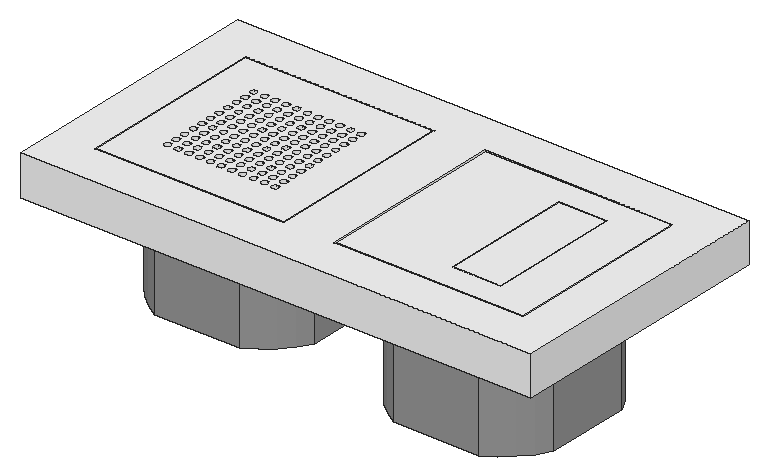
Revit family "Gira_2280005", category Electrical Fixtures, host Face, Revit 2017
Family settings
  Host = Face
  Maintain Annotation Orientation = Yes
  Round Connector Dimension = Use Diameter
  Part Type = Normal
  Cut with Voids When Loaded = No
  Shared = No
  Room Calculation Point = No
Parameters (values of type "RDS FM radio speaker System 55 black m")
  URL = "http://katalog.gira.de/en/datenblatt.html?artikelnr=2280005"
  Transparent = "No"
  Name = "RDS FM radio speaker System 55 black m"
  Model = "Radio"
  Manufacturer URL = "https://www.gira.de/"
  Manufacturer = "Gira"
  Keynote = ""
  HeinzeBIM = "https://bimportal.heinze.de/bim/rds-fm-radio-speaker-system-55-black-m/a77b3f63fd2d244047b841a29407bcbf3f7ebc83"
  HAN = "2280005"
  GTIN = "4010337038054"
  Description = "RDS FM radio spk. Sys55 BKm,RDS flush-mounted radio with a speaker,Operating top unit in black glass appearance,black matt,Features:,- FM radio with RDS display for flush-mounted installation.,- The RDS flush-mounted radio consists of a radio insert with operating top unit and speaker insert with cover.,- The radio insert is compactly mounted in a flush-mounted insert and can therefore be installed in a single device box.,- The speaker can be installed in combination with the radio insert or offset in a device box. Two loudspeakers can be connected to the radio insert.,- The radio automatically detects connected speakers and switches between stereo and mono mode.,- With a corresponding RDS signal, the display of the operating top unit shows the station name, the transmission frequency and the time.,- Operation of the radio is using the capacitive buttons of the operating top unit. Operation only requires a light touching of the symbols.,- The RDS flush-mounted radio has two station presets, upon each of which a station setting can simply be saved and called up with the button actuation.,- For example, the radio can be switched on via the auxiliary input with a light switch or automatic control switch together with the room lighting.,- External audio sources, for example an MP3 player, can be connected to the radio via the stereo AUX input of the radio. For connection to the external audio source, an additional phono insert is required which is connected to the AUX terminals of the radio insert.,- The docking station insert is connected directly to the stereo AUX input for music playback.,- In sleep mode the radio switches off automatically 30 minutes after switching on.,,Notes :,- Reception interference can result in combination with additional electronic devices under one cover plate."
  Default Elevation = 1219.2 mm
  Data sheet (1) = "https://katalog.gira.de/en/download.html?artikelnr=2280005"
  Category = "Electronic insert for domestic switching devices"
  BIM (1) = "https://media.stage.bim.site/public/gira/36a6b08/Sys55_Komplettgerät_UP-Radio.rfa?public/gira/36a6b08/Sys55_Komplettgerät_UP-Radio.rfa"
  Available = "No"
Reference planes
  plane 1 "Center (Front/Back)": y = 0
  plane 2 "Reference Level 0": z = 0
  plane 3 "Center (Left/Right)": x = 0
  plane 4 "Reference Level 1": z = 11.9
Forms (mm)
  Extrusion 1, solid, material "White", detail levels medium+fine
    sketch origin (0, 0, 0) x (1, 0, 0) y (0, 1, 0)
      loop
        line (-75.892, 40.342) -> (-75.892, -40.342) -> (75.892, -40.342) -> (75.892, 40.342) -> (-75.892, 40.342)
      loop
        line (-7.45, 28.1) -> (-63.65, 28.1) -> (-63.65, -28.1) -> (-7.45, -28.1) -> (-7.45, 28.1)
      loop
        line (7.45, 28.1) -> (7.45, -28.1) -> (63.65, -28.1) -> (63.65, 28.1) -> (7.45, 28.1)
    from 0 to 11.9
  Extrusion 2, solid, material "White", detail levels fine
    sketch origin (0, 0, 0) x (1, 0, 0) y (0, 1, 0)
      loop
        circle (-19.55, 16) r 1
      loop
        circle (-22.75, 16) r 1
      loop
        circle (-25.95, 16) r 1
      loop
        circle (-29.15, 16) r 1
      loop
        circle (-32.35, 16) r 1
      loop
        circle (-35.55, 16) r 1
      loop
        circle (-38.75, 16) r 1
      loop
        circle (-41.95, 16) r 1
      loop
        circle (-45.15, 16) r 1
      loop
        circle (-48.35, 16) r 1
      loop
        circle (-51.55, 16) r 1
      loop
        circle (-19.55, 12.8) r 1
      loop
        circle (-22.75, 12.8) r 1
      loop
        circle (-25.95, 12.8) r 1
      loop
        circle (-29.15, 12.8) r 1
      loop
        circle (-32.35, 12.8) r 1
      loop
        circle (-35.55, 12.8) r 1
      loop
        circle (-38.75, 12.8) r 1
      loop
        circle (-41.95, 12.8) r 1
      loop
        circle (-45.15, 12.8) r 1
      loop
        circle (-48.35, 12.8) r 1
      loop
        circle (-51.55, 12.8) r 1
      loop
        circle (-19.55, 9.6) r 1
      loop
        circle (-22.75, 9.6) r 1
      loop
        circle (-25.95, 9.6) r 1
      loop
        circle (-29.15, 9.6) r 1
      loop
        circle (-32.35, 9.6) r 1
      loop
        circle (-35.55, 9.6) r 1
      loop
        circle (-38.75, 9.6) r 1
      loop
        circle (-41.95, 9.6) r 1
      loop
        circle (-45.15, 9.6) r 1
      loop
        circle (-48.35, 9.6) r 1
      loop
        circle (-51.55, 9.6) r 1
      loop
        circle (-19.55, 6.4) r 1
      loop
        circle (-22.75, 6.4) r 1
      loop
        circle (-25.95, 6.4) r 1
      loop
        circle (-29.15, 6.4) r 1
      loop
        circle (-32.35, 6.4) r 1
      loop
        circle (-35.55, 6.4) r 1
      loop
        circle (-38.75, 6.4) r 1
      loop
        circle (-41.95, 6.4) r 1
      loop
        circle (-45.15, 6.4) r 1
      loop
        circle (-48.35, 6.4) r 1
      loop
        circle (-51.55, 6.4) r 1
      loop
        circle (-19.55, 3.2) r 1
      loop
        circle (-22.75, 3.2) r 1
      loop
        circle (-25.95, 3.2) r 1
      loop
        circle (-29.15, 3.2) r 1
      loop
        circle (-32.35, 3.2) r 1
      loop
        circle (-35.55, 3.2) r 1
      loop
        circle (-38.75, 3.2) r 1
      loop
        circle (-41.95, 3.2) r 1
      loop
        circle (-45.15, 3.2) r 1
      loop
        circle (-48.35, 3.2) r 1
      loop
        circle (-51.55, 3.2) r 1
      loop
        circle (-19.55, 0) r 1
      loop
        circle (-22.75, 0) r 1
      loop
        circle (-25.95, 0) r 1
      loop
        circle (-29.15, 0) r 1
      loop
        circle (-32.35, 0) r 1
      loop
        circle (-35.55, 0) r 1
      loop
        circle (-38.75, 0) r 1
      loop
        circle (-41.95, 0) r 1
      loop
        circle (-45.15, 0) r 1
      loop
        circle (-48.35, 0) r 1
      loop
        circle (-51.55, 0) r 1
      loop
        circle (-19.55, -3.2) r 1
      loop
        circle (-22.75, -3.2) r 1
      loop
        circle (-25.95, -3.2) r 1
      loop
        circle (-29.15, -3.2) r 1
      loop
        circle (-32.35, -3.2) r 1
      loop
        circle (-35.55, -3.2) r 1
      loop
        circle (-38.75, -3.2) r 1
      loop
        circle (-41.95, -3.2) r 1
      loop
        circle (-45.15, -3.2) r 1
      loop
        circle (-48.35, -3.2) r 1
      loop
        circle (-51.55, -3.2) r 1
      loop
        circle (-19.55, -6.4) r 1
      loop
        circle (-22.75, -6.4) r 1
      loop
        circle (-25.95, -6.4) r 1
      loop
        circle (-29.15, -6.4) r 1
      loop
        circle (-32.35, -6.4) r 1
      loop
        circle (-35.55, -6.4) r 1
      loop
        circle (-38.75, -6.4) r 1
      loop
        circle (-41.95, -6.4) r 1
      loop
        circle (-45.15, -6.4) r 1
      loop
        circle (-48.35, -6.4) r 1
      loop
        circle (-51.55, -6.4) r 1
      loop
        circle (-19.55, -9.6) r 1
      loop
        circle (-22.75, -9.6) r 1
      loop
        circle (-25.95, -9.6) r 1
      loop
        circle (-29.15, -9.6) r 1
      loop
        circle (-32.35, -9.6) r 1
      loop
        circle (-35.55, -9.6) r 1
      loop
        circle (-38.75, -9.6) r 1
      loop
        circle (-41.95, -9.6) r 1
      loop
        circle (-45.15, -9.6) r 1
      loop
        circle (-48.35, -9.6) r 1
      loop
        circle (-51.55, -9.6) r 1
      loop
        circle (-19.55, -12.8) r 1
      loop
        circle (-22.75, -12.8) r 1
      loop
        circle (-25.95, -12.8) r 1
      loop
        circle (-29.15, -12.8) r 1
      loop
        circle (-32.35, -12.8) r 1
      loop
        circle (-35.55, -12.8) r 1
      loop
        circle (-38.75, -12.8) r 1
      loop
        circle (-41.95, -12.8) r 1
      loop
        circle (-45.15, -12.8) r 1
      loop
        circle (-48.35, -12.8) r 1
      loop
        circle (-51.55, -12.8) r 1
      loop
        circle (-19.55, -16) r 1
      loop
        circle (-22.75, -16) r 1
      loop
        circle (-25.95, -16) r 1
      loop
        circle (-29.15, -16) r 1
      loop
        circle (-32.35, -16) r 1
      loop
        circle (-35.55, -16) r 1
      loop
        circle (-38.75, -16) r 1
      loop
        circle (-41.95, -16) r 1
      loop
        circle (-45.15, -16) r 1
      loop
        circle (-48.35, -16) r 1
      loop
        circle (-51.55, -16) r 1
      loop
        line (-63.25, 27.7) -> (-63.25, -27.7) -> (-7.85, -27.7) -> (-7.85, 27.7) -> (-63.25, 27.7)
    from 0 to 11.9
  Extrusion 3, solid, material "White", detail levels fine
    sketch origin (0, 0, 0) x (1, 0, 0) y (0, 1, 0)
      loop
        line (7.95, 27.7) -> (7.95, -27.7) -> (63.35, -27.7) -> (63.35, 27.7) -> (7.95, 27.7)
      loop
        line (35.999, -19.679) -> (50.301, -19.679) -> (50.229, 19.679) -> (36.071, 19.679) -> (35.999, -19.679)
    from 0 to 11.9
  Extrusion 4, solid, material "White", detail levels fine
    sketch origin (0, 0, 0) x (1, 0, 0) y (0, 1, 0)
      loop
        line (35.999, -19.679) -> (50.301, -19.679) -> (50.229, 19.679) -> (36.071, 19.679) -> (35.999, -19.679)
    from 0 to 11.9
  Extrusion 5, solid, material "White", detail levels medium
    sketch origin (0, 0, 0) x (1, 0, 0) y (0, 1, 0)
      loop
        line (-63.65, 28.1) -> (-63.65, -28.1) -> (-7.45, -28.1) -> (-7.45, 28.1) -> (-63.65, 28.1)
    from 0 to 11.9
  Extrusion 6, solid, material "White", detail levels medium
    sketch origin (0, 0, 0) x (1, 0, 0) y (0, 1, 0)
      loop
        line (7.45, 28.1) -> (7.45, -28.1) -> (63.65, -28.1) -> (63.65, 28.1) -> (7.45, 28.1)
    from 0 to 11.9
  Extrusion 7, solid, material "Grey", detail levels fine
    sketch origin (0, 0, 0) x (1, 0, 0) y (0, 1, 0)
      loop
        arc (10.55, -12.61) -> (15.751, -19.799) -> (22.94, -25) r 28
        line (22.94, -25) -> (48.16, -25)
        arc (48.16, -25) -> (55.349, -19.799) -> (60.55, -12.61) r 28
        line (60.55, -12.61) -> (60.55, 12.61)
        arc (60.55, 12.61) -> (55.349, 19.799) -> (48.16, 25) r 28
        line (48.16, 25) -> (22.94, 25)
        arc (22.94, 25) -> (15.751, 19.799) -> (10.55, 12.61) r 28
        line (10.55, 12.61) -> (10.55, -12.61)
    from 0 to -31.7
  Extrusion 8, solid, material "Grey", detail levels fine
    sketch origin (0, 0, 0) x (-1, 0, 0) y (0, -1, 0)
      loop
        line (10.55, 12.61) -> (10.55, -12.61)
        arc (10.55, -12.61) -> (15.751, -19.799) -> (22.94, -25) r 28
        line (22.94, -25) -> (48.16, -25)
        arc (48.16, -25) -> (55.349, -19.799) -> (60.55, -12.61) r 28
        line (60.55, -12.61) -> (60.55, 12.61)
        arc (60.55, 12.61) -> (55.349, 19.799) -> (48.16, 25) r 28
        line (48.16, 25) -> (22.94, 25)
        arc (22.94, 25) -> (15.751, 19.799) -> (10.55, 12.61) r 28
    from 0 to -28
  Extrusion 9, solid, detail levels medium
    sketch origin (0, 0, 0) x (-1, 0, 0) y (0, -1, 0)
      loop
        line (10.55, 25) -> (10.55, -25) -> (60.55, -25) -> (60.55, 25) -> (10.55, 25)
    from 0 to -28
  Extrusion 10, solid, detail levels medium
    sketch origin (0, 0, 0) x (1, 0, 0) y (0, 1, 0)
      loop
        line (10.55, -25) -> (60.55, -25) -> (60.55, 25) -> (10.55, 25) -> (10.55, -25)
    from 0 to -31.7
  Extrusion 11, solid, material "Grey", detail levels coarse
    sketch origin (0, 0, 0) x (1, 0, 0) y (0, 1, 0)
      loop
        line (-75.892, 40.342) -> (-75.892, -40.342) -> (75.892, -40.342) -> (75.892, 40.342) -> (-75.892, 40.342)
    from -31.7 to 11.9
Cuts and joins
  joined: Extrusion 7, Extrusion 8
  joined: Extrusion 9, Extrusion 10
Dimensions and locks
  aligned and locked: plane 2 "Reference Level 0" to host face
  aligned and locked: level to host face
Nested families
  nested 1: "Radio Beschriftung" at (0, 0, 0) x (0, 1, 0) z (0, 0, 1), type "Radio Beschriftung"
Connectors
  electrical at (-35.55, 0, -28)
    settings: on cut or joined group of Extrusion 7, Extrusion 8, index 1, voltage 220 V, apparent load 0 VA, apparent load phase1 0 VA, apparent load phase2 0 VA, apparent load phase3 0 VA, power factor 1, load classification "Other", number of poles 1, system type 31, power factor state 1, is connector primary yes, connector utility no, sub classification motor no, connector description ""
Definition of nested family "Radio Beschriftung"
  Reference planes
    plane 1: y = 0
    plane 2: x = 0
  Lines and regions (mm)
    detail lines
      curve 1: line (0, 1, 0) -> (3, 1, 0)
      curve 2: line (0, -1, 0) -> (0, 1, 0)
      curve 3: line (3, -1, 0) -> (0, -1, 0)
      curve 4: line (3, 1, 0) -> (3, -1, 0)
      curve 5: line (2, 1, 0) -> (2, -1, 0)
      curve 6: line (3, 1, 0) -> (2, 0.49, 0)
      curve 7: line (3, -1, 0) -> (2, -0.49, 0)
  Dimensions and locks
    curve 2 to curve 4 = 3 mm
    curve 3 to curve 1 = 2 mm
